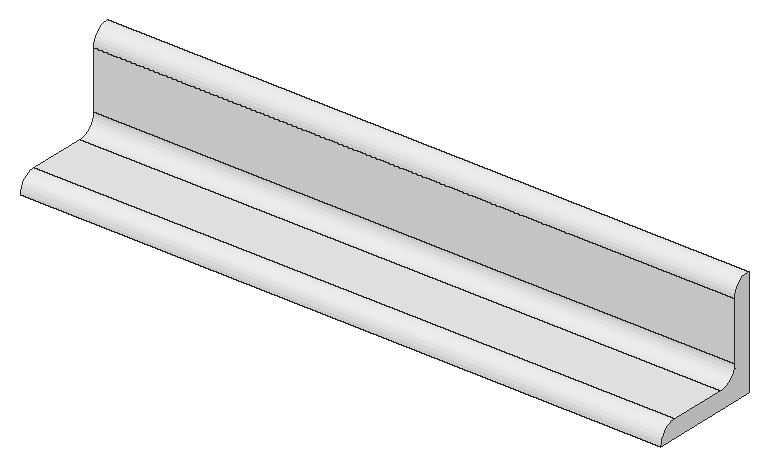
Revit family
Parameters (values of type "L102X102X15.9")
  y = 31.1 mm
  x = 31.1 mm
  t = 15.9 mm
  k = 25 mm
  d = 102 mm
  b = 102 mm
  W = 0.229
  보강재 재료 [instance] = 금속 - 스틸 - 345 MPa
  built-in parameter 1001306 [instance] = 600 mm
  A = 2970.00 m²
Reference planes
  plane 1 "중심(앞/뒤)": y = -5.429
  plane 2: z = 0
  plane 3 "왼쪽": x = 0
  plane 4 "오른쪽": x = 600
  plane 5: y = -21.329
  plane 6: y = -36.529
  plane 7: y = -107.429
  plane 8: z = 15.9
  plane 9: z = 31.1
  plane 10: z = 102
Forms (mm)
  Sweep 1, solid, material "금속 - 스틸 - 345 MPa" <- "보강재 재료", detail levels fine
    path in 3D
      loop
        line (0, -5.429, 0) -> (600, -5.429, 0)
    profile origin (300, -5.429, 0) x (0, 1, 0) y (0, 0, 1)
      loop
        line (0, 0) -> (0, 102)
        arc (0, 102) -> (-11.243, 97.343) -> (-15.9, 86.1) r 15.9
        line (-15.9, 86.1) -> (-15.9, 31.8)
        arc (-15.9, 31.8) -> (-20.557, 20.557) -> (-31.8, 15.9) r 15.9
        line (-31.8, 15.9) -> (-86.1, 15.9)
        arc (-86.1, 15.9) -> (-97.343, 11.243) -> (-102, 0) r 15.9
        line (-102, 0) -> (0, 0)
  Sweep 2, solid, material "금속 - 스틸 - 345 MPa" <- "보강재 재료", detail levels medium
    path in 3D
      loop
        line (0, -5.429, 102) -> (600, -5.429, 102)
    profile origin (300, -5.429, 102) x (0, 0, -1) y (0, 1, 0)
      loop
        line (0, 0) -> (0, -15.9) -> (86.1, -15.9) -> (86.1, -102) -> (102, -102) -> (102, 0) -> (0, 0)
Lines and regions (mm)
  reference lines
    curve 1: line (0, -5.429, 0) -> (600, -5.429, 0)
  sketch lines
    curve 2: line (0, -5.429, 0) -> (600, -5.429, 0)
    curve 3: line (0, -5.429, 102) -> (600, -5.429, 102)
Dimensions and locks
  "built-in parameter 1001306": plane 3 "왼쪽" to plane 4 "오른쪽"
  "t": plane 8 to plane 2
  "y": plane 9 to plane 2
  "d": plane 10 to plane 2
  "t": plane 1 "중심(앞/뒤)" to plane 5
  "x": plane 1 "중심(앞/뒤)" to plane 6
  "b": plane 1 "중심(앞/뒤)" to plane 7
  "t": radius of Sweep 1 sketch curve  (x3)
  aligned and locked: plane 4 "오른쪽" to curve 1
  aligned and locked: plane 1 "중심(앞/뒤)" to curve 1
  aligned and locked: plane 3 "왼쪽" to curve 1
  aligned and locked: profile plane to Sweep 1 sketch curve
  aligned and locked: plane 7 to Sweep 1 sketch curve
  aligned and locked: plane 10 to Sweep 1 sketch curve
  aligned and locked: plane 2 to Sweep 2 sketch curve
  aligned and locked: Sweep 2 sketch curve to plane 7
  aligned and locked: plane 1 "중심(앞/뒤)" to Sweep 2 sketch curve
  aligned and locked: Sweep 2 sketch curve to plane 5
  aligned and locked: Sweep 2 sketch curve to plane 10
  aligned and locked: Sweep 2 sketch curve to plane 8
Automatic sketch dimensions
  Sweep 1 sketch curve to profile plane = 0 mm
